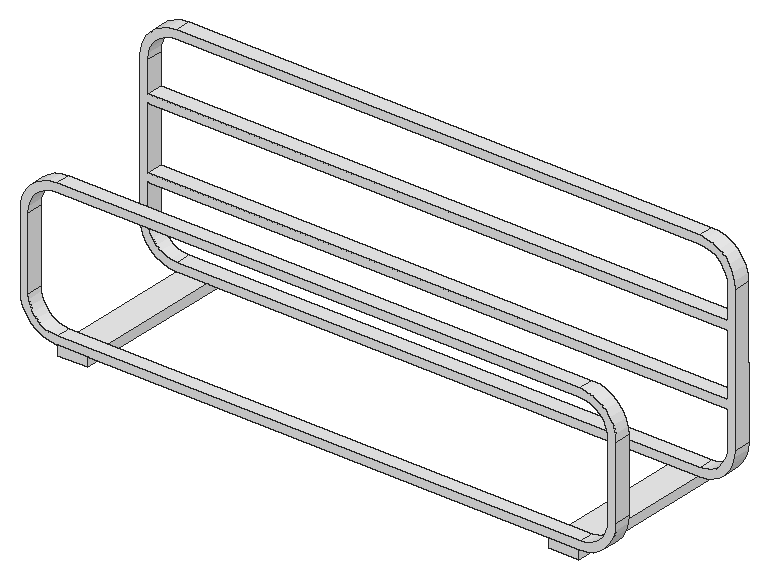
Revit family "Towel_Rack-Grohe-StarLight-41066_Series", category Plumbing Fixtures, host Face, Revit 2016
Family settings
  Host = Face
  Part Type = Normal
  Round Connector Dimension = Use Diameter
  Cut with Voids When Loaded = No
  Shared = Yes
  Room Calculation Point = No
Parameters (values of type "41066000")
  Width = 23 7/16"
  Waste Connection = no
  Warranty Information = ""
  WFU = 0
  Vent Connection = no
  URL = "https://www.grohe.us/"
  Type Comments = ""
  Product Page URL = ""
  Product Documentation Link = ""
  Price = "Prices may vary. Please consult Manufacturer Representative for most up-to-date price list."  # constant formula
  Model = "41066000"
  Manufacturer = "Grohe"
  Length = 8 7/8"
  Installation Type = "Wall"
  Height = 6 1/2"
  HWFU = 0
  HW Connection = no
  Finish = Metal-Grohe-000-StarLight Chrome
  Description = "Towel Rack"
  Default Elevation = 0"
  Creation Date = "08/19/2020"
  CWFU = 0
  CW Connection = no
  Assembly Code = ""
Types (6): name | Model | Finish
  (no name) | "41066000" | Metal-Grohe-000-StarLight Chrome
  41066000 | "41066000" | Metal-Grohe-000-StarLight Chrome
  41066A00 | "41066A00" | Metal-Grohe-A00-Hard Graphite
  41066BE0 | "41066BE0" | Metal-Grohe-BE0-Polished Nickel InfinityFinish
  41066EN0 | "41066EN0" | Metal-Grohe-EN0-Brushed Nickel InfinityFinish
  41066GN0 | "41066GN0" | Metal-Grohe-GN0-Brushed Cool Sunrise
Reference planes (in)
  plane 1 "Center (Front/Back)": y = 0
  plane 2: z = 0
  plane 3 "Center (Left/Right)": x = 0
  plane 4: x = -9.65625
  plane 5: x = 9.65625
  plane 6: x = -11.71875
  plane 7: x = 11.71875
  plane 8: z = 8.875
Forms (in)
  Extrusion 1, solid, material "Metal-Grohe-000-StarLight Chrome" <- "Finish"
    sketch origin (0, 0, 0) x (1, 0, 0) y (0, 1, 0)
      loop
        line (-10.25, 0) -> (-10.25, -6.5) -> (-9.0625, -6.5) -> (-9.0625, 0) -> (-10.25, 0)
      loop
        line (10.25, 0) -> (9.0625, 0) -> (9.0625, -6.5) -> (10.25, -6.5) -> (10.25, 0)
    from 0 to 0.35986
  Extrusion 2, solid, material "Metal-Grohe-000-StarLight Chrome" <- "Finish"
    sketch origin (0, 0, 0) x (1, 0, 0) y (0, 0, 1)
      loop
        line (11.71875, 1.7825) -> (11.71875, 7.45235)
        arc (11.71875, 7.45235) -> (11.30207, 8.45832) -> (10.2961, 8.875) r 1.42265
        line (10.2961, 8.875) -> (-10.2961, 8.875)
        arc (-10.2961, 8.875) -> (-11.30207, 8.45832) -> (-11.71875, 7.45235) r 1.42265
        line (-11.71875, 7.45235) -> (-11.71875, 1.7825)
        arc (-11.71875, 1.7825) -> (-11.30207, 0.77654) -> (-10.2961, 0.35986) r 1.42265
        line (-10.2961, 0.35986) -> (10.2961, 0.35986)
        arc (10.2961, 0.35986) -> (11.30207, 0.77654) -> (11.71875, 1.7825) r 1.42265
      loop
        arc (10.2937, 0.67158) -> (11.08039, 0.99744) -> (11.40625, 1.78413) r 1.11255
        line (11.40625, 1.78413) -> (11.40625, 3.13924) -> (-11.40625, 3.13924) -> (-11.40625, 1.78413)
        arc (-11.40625, 1.78413) -> (-11.08039, 0.99744) -> (-10.2937, 0.67158) r 1.11255
        line (-10.2937, 0.67158) -> (10.2937, 0.67158)
      loop
        arc (11.40625, 7.44995) -> (11.08039, 8.23664) -> (10.2937, 8.5625) r 1.11255
        line (10.2937, 8.5625) -> (-10.2937, 8.5625)
        arc (-10.2937, 8.5625) -> (-11.08039, 8.23664) -> (-11.40625, 7.44995) r 1.11255
        line (-11.40625, 7.44995) -> (-11.40625, 6.234) -> (11.40625, 6.234) -> (11.40625, 7.44995)
      loop
        line (11.40625, 3.45174) -> (11.40625, 5.9215) -> (-11.40625, 5.9215) -> (-11.40625, 3.45174) -> (11.40625, 3.45174)
    from 0 to 0.60547
  Extrusion 3, solid, material "Metal-Grohe-000-StarLight Chrome" <- "Finish"
    sketch origin (0, 0, 0) x (1, 0, 0) y (0, 0, 1)
      loop
        line (11.71875, 1.7825) -> (11.71875, 4.63985)
        arc (11.71875, 4.63985) -> (11.30207, 5.64582) -> (10.2961, 6.0625) r 1.42265
        line (10.2961, 6.0625) -> (-10.2961, 6.0625)
        arc (-10.2961, 6.0625) -> (-11.30207, 5.64582) -> (-11.71875, 4.63985) r 1.42265
        line (-11.71875, 4.63985) -> (-11.71875, 1.7825)
        arc (-11.71875, 1.7825) -> (-11.30207, 0.77654) -> (-10.2961, 0.35986) r 1.42265
        line (-10.2961, 0.35986) -> (10.2961, 0.35986)
        arc (10.2961, 0.35986) -> (11.30207, 0.77654) -> (11.71875, 1.7825) r 1.42265
      loop
        line (11.40625, 1.78413) -> (11.40625, 4.63745)
        arc (11.40625, 4.63745) -> (11.08039, 5.42414) -> (10.2937, 5.75) r 1.11255
        line (10.2937, 5.75) -> (-10.2937, 5.75)
        arc (-10.2937, 5.75) -> (-11.08039, 5.42414) -> (-11.40625, 4.63745) r 1.11255
        line (-11.40625, 4.63745) -> (-11.40625, 1.78413)
        arc (-11.40625, 1.78413) -> (-11.08039, 0.99744) -> (-10.2937, 0.67158) r 1.11255
        line (-10.2937, 0.67158) -> (10.2937, 0.67158)
        arc (10.2937, 0.67158) -> (11.08039, 0.99744) -> (11.40625, 1.78413) r 1.11255
    from 5.89453 to 6.5
Lines and regions (in)
  Masking region 1
    outline origin (0, 0, 0) x (1, 0, 0) y (0, 0, 1)
      loop
        arc (-10.2961, 8.875) -> (-11.30207, 8.45832) -> (-11.71875, 7.45235) r 1.42265
        line (-11.71875, 7.45235) -> (-11.71875, 1.7825)
        arc (-11.71875, 1.7825) -> (-11.30207, 0.77654) -> (-10.2961, 0.35986) r 1.42265
        line (-10.2961, 0.35986) -> (-10.25, 0.35986) -> (-10.25, 0) -> (-9.0625, 0) -> (-9.0625, 0.35986) -> (9.0625, 0.35986) -> (9.0625, 0) -> (10.25, 0) -> (10.25, 0.35986) -> (10.2961, 0.35986)
        arc (10.2961, 0.35986) -> (11.30207, 0.77654) -> (11.71875, 1.7825) r 1.42265
        line (11.71875, 1.7825) -> (11.71875, 7.45235)
        arc (11.71875, 7.45235) -> (11.30207, 8.45832) -> (10.2961, 8.875) r 1.42265
        line (10.2961, 8.875) -> (-10.2961, 8.875)
  symbolic lines, detail levels medium+fine
    curve 1: line (10.2937, 0, 8.5625) -> (-10.2937, 0, 8.5625)
    curve 2: arc (-10.2937, 0, 8.5625) -> (-11.08039, 0, 8.23664) -> (-11.40625, 0, 7.44995) r 1.11255
    curve 3: line (-11.40625, 0, 7.44995) -> (-11.40625, 0, 6.234)
    curve 4: line (-11.40625, 0, 6.234) -> (11.40625, 0, 6.234)
    curve 5: line (11.40625, 0, 6.234) -> (11.40625, 0, 7.44995)
    curve 6: arc (11.40625, 0, 7.44995) -> (11.08039, 0, 8.23664) -> (10.2937, 0, 8.5625) r 1.11255
    curve 7: line (11.40625, 0, 5.9215) -> (-11.40625, 0, 5.9215)
    curve 8: line (-11.40625, 0, 5.9215) -> (-11.40625, 0, 3.45174)
    curve 9: line (-11.40625, 0, 3.45174) -> (11.40625, 0, 3.45174)
    curve 10: line (11.40625, 0, 3.45174) -> (11.40625, 0, 5.9215)
    curve 11: line (11.40625, 0, 3.13924) -> (-11.40625, 0, 3.13924)
    curve 12: line (-11.40625, 0, 3.13924) -> (-11.40625, 0, 1.78413)
    curve 13: arc (-11.40625, 0, 1.78413) -> (-11.08039, 0, 0.99744) -> (-10.2937, 0, 0.67158) r 1.11255
    curve 14: line (-10.2937, 0, 0.67158) -> (10.2937, 0, 0.67158)
    curve 15: arc (10.2937, 0, 0.67158) -> (11.08039, 0, 0.99744) -> (11.40625, 0, 1.78413) r 1.11255
    curve 16: line (11.40625, 0, 1.78413) -> (11.40625, 0, 3.13924)
    curve 17: line (10.25, 0, 0.35986) -> (9.0625, 0, 0.35986)
    curve 18: line (-9.0625, 0, 0.35986) -> (-10.2961, 0, 0.35986)
  symbolic lines, detail levels fine
    curve 19: arc (11.40625, 0, 5.52951) -> (11.18188, 0, 5.7531) -> (10.91361, 0, 5.9215) r 1.42265
    curve 20: arc (10.2937, 0, 5.75) -> (11.08039, 0, 5.42414) -> (11.40625, 0, 4.63745) r 1.11255
    curve 21: arc (-11.40625, 0, 5.52951) -> (-11.18188, 0, 5.7531) -> (-10.91361, 0, 5.9215) r 1.42265
    curve 22: arc (-10.2937, 0, 5.75) -> (-11.08039, 0, 5.42414) -> (-11.40625, 0, 4.63745) r 1.11255
    curve 23: line (10.2937, 0, 5.75) -> (-10.2937, 0, 5.75)
Dimensions and locks (in)
  plane 4 to plane 5 = 19 5/16"
  equal spacing: plane 6, plane 3 "Center (Left/Right)", plane 7
  equal spacing: plane 4, plane 3 "Center (Left/Right)", plane 5
  plane 6 to plane 7 = 23 7/16"
  locked: Extrusion 1 sketch curve to plane 1 "Center (Front/Back)" at 6.5  (x2)
  locked: Extrusion 1 sketch curve to plane 3 "Center (Left/Right)" at 9.0625
  locked: Extrusion 1 sketch curve to plane 3 "Center (Left/Right)" at 10.25
  locked: plane 3 "Center (Left/Right)" to Extrusion 1 sketch curve at 9.0625
  locked: plane 3 "Center (Left/Right)" to Extrusion 1 sketch curve at 10.25
  level to plane 8 = 8 7/8"
  locked: level to Extrusion 2 sketch curve at 0.35986
  locked: level to Extrusion 2 sketch curve at 0.67158
  locked: level to Extrusion 2 sketch curve at 8.5625
  level to Extrusion 2 sketch curve = 8 7/8"
  locked: Extrusion 2 sketch curve to plane 3 "Center (Left/Right)" at 11.40625
  locked: Extrusion 2 sketch curve to plane 3 "Center (Left/Right)" at 11.71875
  locked: plane 3 "Center (Left/Right)" to Extrusion 2 sketch curve at 11.40625
  plane 3 "Center (Left/Right)" to Extrusion 2 sketch curve = 11 23/32"
  locked: level to Extrusion 2 sketch curve at 1.7825  (x2)
  locked: level to Extrusion 2 sketch curve at 7.45235  (x2)
  locked: Extrusion 2 sketch curve to plane 3 "Center (Left/Right)" at 10.2961
  locked: plane 3 "Center (Left/Right)" to Extrusion 2 sketch curve at 10.2961  (x2)
  locked: level to Extrusion 2 sketch curve at 1.78413  (x2)
  locked: level to Extrusion 2 sketch curve at 7.44995  (x2)
  locked: Extrusion 2 sketch curve to plane 3 "Center (Left/Right)" at 10.2937
  locked: plane 3 "Center (Left/Right)" to Extrusion 2 sketch curve at 10.2937  (x2)
  level to Extrusion 2 sketch curve to Extrusion 2 sketch curve to Extrusion 2 sketch curve to Extrusion 2 sketch curve = 3.13924" locked, 5/16" locked, 2.46976" locked, 5/16" locked
  locked: plane 1 "Center (Front/Back)" to Extrusion 2 at 0.60547
  locked: Extrusion 1 to level at 0.35986
  level to Extrusion 2 to Extrusion 2 to Extrusion 3 sketch curve to Extrusion 3 sketch curve = 0.35986" locked, 0.31173" locked, 5.07842" locked, 5/16" locked
  Extrusion 3 sketch curve to Extrusion 3 sketch curve to plane 3 "Center (Left/Right)" = 5/16" locked, 11 13/32" locked
  plane 3 "Center (Left/Right)" to Extrusion 3 sketch curve to Extrusion 3 sketch curve = 11 13/32" locked, 5/16" locked
  level to Extrusion 3 sketch curve to Extrusion 3 sketch curve = 1.7825" locked, 2.85735" locked  (x2)
  locked: Extrusion 3 sketch curve to plane 3 "Center (Left/Right)" at 10.2961  (x2)
  locked: plane 3 "Center (Left/Right)" to Extrusion 3 sketch curve at 10.2961  (x2)
  level to Extrusion 3 sketch curve to Extrusion 3 sketch curve = 1.78413" locked, 2.85333" locked  (x2)
  locked: Extrusion 3 sketch curve to plane 3 "Center (Left/Right)" at 10.2937  (x2)
  locked: plane 3 "Center (Left/Right)" to Extrusion 3 sketch curve at 10.2937  (x2)
  plane 1 "Center (Front/Back)" to Extrusion 3 to Extrusion 3 = 5 229/256" locked, 155/256" locked
  "Width": Extrusion 2 to Extrusion 2
  "Length": Extrusion 1 to Extrusion 2
  Extrusion 2 to Extrusion 3 = 6 1/2"
  aligned and locked: plane 2 to host face
  aligned and locked: level to host face
  aligned and locked: plane 1 "Center (Front/Back)" to Extrusion 1 sketch curve
  aligned and locked: Extrusion 1 sketch curve to plane 1 "Center (Front/Back)"
  aligned and locked: Extrusion 2 to plane 1 "Center (Front/Back)"
  aligned and locked: Extrusion 1 to level
  aligned and locked: Masking region 1 sketch curve to Extrusion 2  (x4)
  aligned and locked: Masking region 1 sketch curve to Extrusion 1  (x5)
  aligned and locked: Extrusion 1 to Masking region 1 sketch curve
  aligned and locked: curve 2 to Extrusion 2
  aligned and locked: curve 4 to Extrusion 2
  aligned and locked: curve 5 to Extrusion 2
  aligned and locked: curve 6 to Extrusion 2
  aligned and locked: curve 7 to Extrusion 2
  aligned and locked: curve 8 to Extrusion 2
  aligned and locked: curve 9 to Extrusion 2
  aligned and locked: curve 10 to Extrusion 2
  aligned and locked: curve 11 to Extrusion 2
  aligned and locked: curve 12 to Extrusion 2
  aligned and locked: curve 13 to Extrusion 2
  aligned and locked: curve 15 to Extrusion 2
  aligned and locked: curve 19 to Extrusion 3
  aligned and locked: curve 20 to Extrusion 3
  aligned and locked: curve 21 to Extrusion 3
  aligned and locked: curve 22 to Extrusion 3
Automatic sketch dimensions
  host sketch curve to host sketch curve = 96"  (x2)
  Extrusion 2 sketch curve to Extrusion 2 sketch curve = 0"
  Extrusion 2 sketch curve to Extrusion 2 sketch curve = 0.0024"
  plane 7 to Extrusion 2 sketch curve = 5/16"
  Masking region 1 sketch curve to Masking region 1 sketch curve = 0.0461"
  level to Masking region 1 sketch curve = 0.35986"
  curve 18 to curve 13 = 0.0024"
  plane 4 to curve 18 = 19/32"
  plane 5 to curve 17 = 19/32"
  curve 17 to curve 14 = 0.0437"
  curve 18 to curve 13 = 0.31173"
  curve 17 to curve 14 = 0.31173"
